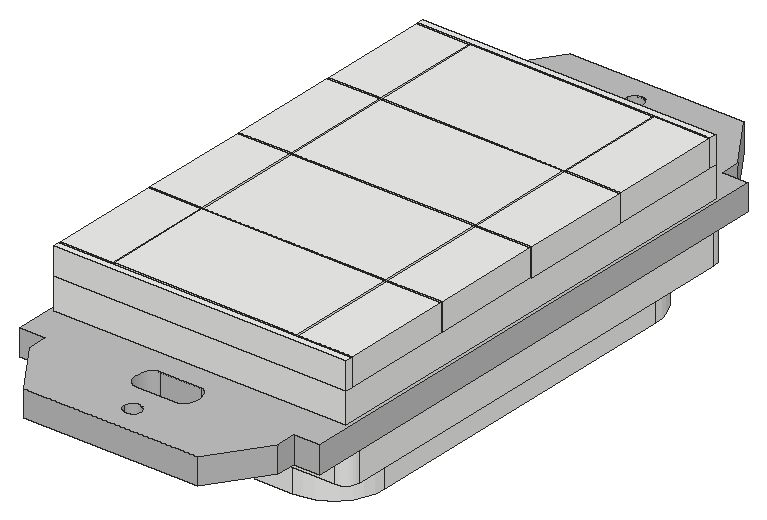
Revit family "Electronics_Control-Pads_Biamp_Impera_Echo-Plus-8-Button-Control-Pad___", category Communication Devices, host Face, Revit 2020
Family settings
  Host = Face
  Maintain Annotation Orientation = No
  Round Connector Dimension = Use Diameter
  Part Type = Normal
  OmniClass Number = 23.85.10.17.11
  OmniClass Title = Audio-Visual System Components
  Cut with Voids When Loaded = Yes
  Shared = No
  Room Calculation Point = No
Parameters (values of type "Echo Plus 8USW")
  not_US = not(US)  # no
  Width = 1.80"
  Weight = 0.20 lbf  # constant formula
  Voltage = 12 V
  Void Depth = if(US, 0.56", 0.16")  # 0.56"
  US = yes
  URL = "https://www.biamp.com/"
  Temperature Range = "32 - 104° F (0 – 40° C)"  # constant formula
  Stop Bits = "1, 1.5, 2"  # constant formula
  Sense Low = "< 1 VDC"  # constant formula
  Sense High = "> 4 VDC"  # constant formula
  Product data url = "https://www.bimobject.com/biamp/product/impera-echo-plus_control-pad"
  Product Page URL = "https://www.biamp.com/products/product-families/impera/control-pads#impera-echo-plus"
  Product Documentation Link = "https://downloads.biamp.com/assets/docs/default-source/data-sheets/biamp_data_sheet_impera_echo_plus_jan22.pdf"
  Power Factor = 1
  Port Speed = "10/100 Mbps"  # constant formula
  Parity = "Even, Odd, None"  # constant formula
  Output Type = "Open drain"  # constant formula
  Number of Ports RS-232 / IR = "1 (bidirectional), 1 (undirectional)"  # constant formula
  Number of Poles = 1
  Number of Devices Supported Expansion Bus = "2"  # constant formula
  Number of Devices Supported Ethernet = "2"  # constant formula
  Model = "Impera Echo Plus"  # constant formula
  Max Voltage = "24 VDC"  # constant formula
  Max Power Consumption = 5 W
  Max Current = "0.5 A"  # constant formula
  Manufacturer = "Biamp"  # constant formula
  LED Indicators = "Multi-color"  # constant formula
  KeyPad Height = if(US, 2.76", Height)  # 2.76"
  IR Frequency Range = "381 Hz to 500 kHz"  # constant formula
  I/O Quantity = "3"  # constant formula
  Humidity = "10-90% relative humidity (non-condensing)"  # constant formula
  Housing Material = Biamp - Plastic - White
  Height = 4.10"
  Description = "Impera™ Echo Plus 8-Button Control Pad with Ethernet Port"  # constant formula
  Depth = 0.90"
  Default Elevation = 48.00"
  Data Bits = "7, 8"  # constant formula
  Connector Description = "12V DC 5W"  # constant formula
  Compliance = "CE Marked (Europe), RoHS Directive (Europe)"  # constant formula
  Button Type = "Mechanical"  # constant formula
  Button Quantity = "8"  # constant formula
  Baud Rate = "1200 – 115200 bit/sec"  # constant formula
  Autosense = "Yes"  # constant formula
  Assembly Code = ""
  Apparent Load = Max Power Consumption / Power Factor  # 5 VA
  Altitude = "0-6,600 ft (0-2000m) MSL"  # constant formula
Types (5): name | not_US | Width | Void Depth | US | KeyPad Height | Housing Material | Height | Depth
  Echo Plus 8USW | no | 1.80" | 0.56" | yes | 2.76" | Biamp - Plastic - White | 4.10" | 0.90"
  Echo Plus 8DKB | yes | 2.80" | 0.16" | no | 1.80" | Biamp - Plastic - Black | 1.80" | 0.70"
  Echo Plus 8DKW | yes | 2.80" | 0.16" | no | 1.80" | Biamp - Plastic - White | 1.80" | 0.70"
  Echo Plus 8EUW | yes | 2.20" | 0.16" | no | 2.20" | Biamp - Plastic - White | 2.20" | 0.70"
  Echo Plus 8EUB | yes | 2.20" | 0.16" | no | 2.20" | Biamp - Plastic - Black | 2.20" | 0.70"
Reference planes (in)
  plane 1 "Center (Front/Back)": y = 0
  plane 2 "Bottom": z = 0
  plane 3 "Center (Left/Right)": x = 0
  plane 4: x = 0.9
  plane 5: x = -0.9
  plane 6 "Back": y = 2.05
  plane 7 "Front": y = -2.05
  plane 8 "Top": z = 0.50615
  plane 9: z = 0.003
  plane 10: z = 0.34411
  plane 11 "1": z = -0.19385
  plane 12: z = 0.16048
  plane 13: y = 1.38
  plane 14: y = -1.38
  plane 15: z = -0.39952
Forms (in)
  Extrusion 1, solid, material "Biamp - Metal - Gray", visible <- "US"
    sketch origin (0, 0, 0) x (1, 0, 0) y (0, 1, 0)
      loop
        line (-0.52182, 2.05) -> (-0.7477, 1.72742) -> (-0.7477, 1.60847) -> (-0.9, 1.60847) -> (-0.9, -1.60847) -> (-0.7477, -1.60847) -> (-0.7477, -1.72742) -> (-0.52182, -2.05) -> (0.52182, -2.05) -> (0.7477, -1.72742) -> (0.7477, -1.60847) -> (0.9, -1.60847) -> (0.9, 1.60847) -> (0.7477, 1.60847) -> (0.7477, 1.72742) -> (0.52182, 2.05) -> (-0.52182, 2.05)
      loop
        spline (-0.12276, -1.52644) -> (-0.13926, -1.52963) -> (-0.15464, -1.53898) -> (-0.16785, -1.55385) -> (-0.17799, -1.57322) -> (-0.18436, -1.59579) -> (-0.18653, -1.62) -> (-0.18436, -1.64421) -> (-0.17799, -1.66678) -> (-0.16785, -1.68615) -> (-0.15464, -1.70102) -> (-0.13926, -1.71037) -> (-0.12276, -1.71355)
        line (-0.12276, -1.71355) -> (0.12276, -1.71355)
        spline (0.12276, -1.71355) -> (0.13926, -1.71037) -> (0.15464, -1.70102) -> (0.16785, -1.68615) -> (0.17799, -1.66678) -> (0.18436, -1.64421) -> (0.18653, -1.62) -> (0.18436, -1.59579) -> (0.17799, -1.57322) -> (0.16785, -1.55385) -> (0.15464, -1.53898) -> (0.13926, -1.52963) -> (0.12276, -1.52644)
        line (0.12276, -1.52644) -> (-0.12276, -1.52644)
      loop
        circle (0, -1.88618) r 0.05186
      loop
        line (-0.12276, 1.52644) -> (0.12276, 1.52644)
        spline (0.12276, 1.52644) -> (0.13926, 1.52963) -> (0.15464, 1.53898) -> (0.16785, 1.55385) -> (0.17799, 1.57322) -> (0.18436, 1.59579) -> (0.18653, 1.62) -> (0.18436, 1.64421) -> (0.17799, 1.66678) -> (0.16785, 1.68615) -> (0.15464, 1.70102) -> (0.13926, 1.71037) -> (0.12276, 1.71355)
        line (0.12276, 1.71355) -> (-0.12276, 1.71355)
        spline (-0.12276, 1.71355) -> (-0.13926, 1.71037) -> (-0.15464, 1.70102) -> (-0.16785, 1.68615) -> (-0.17799, 1.66678) -> (-0.18436, 1.64421) -> (-0.18653, 1.62) -> (-0.18436, 1.59579) -> (-0.17799, 1.57322) -> (-0.16785, 1.55385) -> (-0.15464, 1.53898) -> (-0.13926, 1.52963) -> (-0.12276, 1.52644)
      loop
        circle (0, 1.88618) r 0.05186
    from 0.003 to 0.16048
  Extrusion 2, solid, material "Biamp - Plastic - White" <- "Housing Material", visible <- "US"
    sketch origin (0, 0, 0) x (1, 0, 0) y (0, 1, 0)
      loop
        line (-0.79701, -1.36247) -> (0.7951, -1.36247)
        arc (0.7951, -1.36247) -> (0.85356, -1.33825) -> (0.87778, -1.27979) r 0.08268
        line (0.87778, -1.27979) -> (0.87778, 1.3835)
        arc (0.87778, 1.3835) -> (0.85356, 1.44196) -> (0.7951, 1.46617) r 0.08268
        line (0.7951, 1.46617) -> (-0.7966, 1.46617)
        arc (-0.7966, 1.46617) -> (-0.85535, 1.44184) -> (-0.87969, 1.38309) r 0.08309
        line (-0.87969, 1.38309) -> (-0.87969, -1.27979)
        arc (-0.87969, -1.27979) -> (-0.85547, -1.33825) -> (-0.79701, -1.36247) r 0.08268
    from -0.19385 to 0.003
  Extrusion 3, solid, material "Biamp - Plastic - White" <- "Housing Material", visible <- "US", detail levels medium+fine
    sketch origin (0, 0, -0.19385) x (-1, 0, 0) y (0, -1, 0)
      loop
        arc (0.47093, -1.36643) -> (0.6878, -1.2766) -> (0.77763, -1.05973) r 0.3067
        line (0.77763, -1.05973) -> (0.77763, 0.97298)
        arc (0.77763, 0.97298) -> (0.68789, 1.18964) -> (0.47123, 1.27938) r 0.3064
        line (0.47123, 1.27938) -> (0.28374, 1.27938) -> (0.28374, 1.21541) -> (0.18911, 1.21541) -> (0.18911, 1.27977) -> (0.05711, 1.27977) -> (0.05711, 1.2158) -> (-0.01923, 1.2158) -> (-0.01923, 1.27977) -> (-0.15457, 1.27977) -> (-0.15457, 1.2158) -> (-0.24808, 1.2158) -> (-0.24808, 1.27977) -> (-0.47833, 1.27977)
        arc (-0.47833, 1.27977) -> (-0.69453, 1.19021) -> (-0.78409, 0.974) r 0.30576
        line (-0.78409, 0.974) -> (-0.78409, -1.05973)
        arc (-0.78409, -1.05973) -> (-0.69415, -1.27688) -> (-0.477, -1.36682) r 0.30709
        line (-0.477, -1.36682) -> (-0.28811, -1.36682) -> (-0.28811, -1.30856) -> (-0.19508, -1.30856) -> (-0.19508, -1.36643) -> (-0.06108, -1.36643) -> (-0.06108, -1.30817) -> (0.01923, -1.30817) -> (0.01923, -1.36643) -> (0.15263, -1.36643) -> (0.15263, -1.30817) -> (0.23963, -1.30817) -> (0.23963, -1.36643) -> (0.47093, -1.36643)
      loop
        line (0.59775, -1.0042) -> (0.34604, -1.0042) -> (0.34604, -1.14803) -> (0.59775, -1.14803) -> (0.59775, -1.0042)
      loop
        line (0.59775, -0.98093) -> (0.59775, -0.82652) -> (0.34604, -0.82652) -> (0.34604, -0.98093) -> (0.59775, -0.98093)
      loop
        line (0.59775, -0.79384) -> (0.59775, -0.63251) -> (0.34604, -0.63251) -> (0.34604, -0.79384) -> (0.59775, -0.79384)
      loop
        line (0.59775, -0.61443) -> (0.59775, -0.47118) -> (0.34604, -0.47118) -> (0.34604, -0.61443) -> (0.59775, -0.61443)
      loop
        line (0.59775, -0.44476) -> (0.59775, -0.29177) -> (0.34604, -0.29177) -> (0.34604, -0.44476) -> (0.59775, -0.44476)
      loop
        line (0.59775, -0.26173) -> (0.59775, -0.10925) -> (0.34604, -0.10925) -> (0.34604, -0.26173) -> (0.59775, -0.26173)
      loop
        line (0.59775, -0.08796) -> (0.59775, 0.06749) -> (0.34604, 0.06749) -> (0.34604, -0.08796) -> (0.59775, -0.08796)
      loop
        line (-0.35889, -1.14803) -> (-0.35889, -1.0042) -> (-0.61271, -1.0042) -> (-0.61271, -1.14803) -> (-0.35889, -1.14803)
      loop
        line (-0.35889, -0.98093) -> (-0.35889, -0.82652) -> (-0.61271, -0.82652) -> (-0.61271, -0.98093) -> (-0.35889, -0.98093)
      loop
        line (-0.35889, -0.79384) -> (-0.35889, -0.66927) -> (-0.61271, -0.66927) -> (-0.61271, -0.79384) -> (-0.35889, -0.79384)
      loop
        line (-0.35889, -0.63251) -> (-0.35889, -0.49794) -> (-0.61271, -0.49794) -> (-0.61271, -0.63251) -> (-0.35889, -0.63251)
      loop
        line (-0.35889, -0.47118) -> (-0.35889, -0.30969) -> (-0.61271, -0.30969) -> (-0.61271, -0.47118) -> (-0.35889, -0.47118)
      loop
        line (-0.35889, -0.26173) -> (-0.35889, -0.14048) -> (-0.61271, -0.14048) -> (-0.61271, -0.26173) -> (-0.35889, -0.26173)
      loop
        line (-0.35889, -0.12721) -> (-0.35889, 0.00684) -> (-0.61271, 0.00684) -> (-0.61271, -0.12721) -> (-0.35889, -0.12721)
      loop
        line (-0.35889, 0.02065) -> (-0.35889, 0.1792) -> (-0.61271, 0.1792) -> (-0.61271, 0.02065) -> (-0.35889, 0.02065)
    from -0.2 to 0
  Extrusion 4, solid, material "Biamp - Plastic - White" <- "Housing Material", detail levels medium+fine
    sketch origin (0, 0, 0) x (1, 0, 0) y (0, 1, 0)
      loop
        line (-0.87969, 1.39427) -> (-0.87969, -1.38) -> (0.87778, -1.38) -> (0.87778, 1.39427) -> (-0.87969, 1.39427)
    from 0.16048 to 0.34411
  Extrusion 5, solid, material "Biamp - Plastic - White" <- "Housing Material", detail levels medium+fine
    sketch origin (0, 0, 0.50615) x (1, 0, 0) y (0, 1, 0)
      loop
        line (-0.87969, 1.39427) -> (-0.87969, 1.35427) -> (0.87778, 1.35427) -> (0.87778, 1.39427) -> (-0.87969, 1.39427)
      loop
        line (-0.87969, -1.38) -> (0.87778, -1.38) -> (0.87778, -1.34) -> (-0.87969, -1.34) -> (-0.87969, -1.38)
      loop
        line (0.87778, -1.32831) -> (0.87778, -0.66837) -> (0.55082, -0.66837) -> (0.55082, -1.32831) -> (0.87778, -1.32831)
      loop
        line (0.87778, 1.34427) -> (0.55082, 1.34427) -> (0.55082, 0.68417) -> (0.87778, 0.68417) -> (0.87778, 1.34427)
      loop
        line (-0.87969, 0.68417) -> (-0.56573, 0.68417) -> (-0.56573, 1.34427) -> (-0.87969, 1.34427) -> (-0.87969, 0.68417)
      loop
        line (0.87778, 0.67339) -> (0.55082, 0.67339) -> (0.55082, 0.01334) -> (0.87778, 0.01334) -> (0.87778, 0.67339)
      loop
        line (-0.87969, 0.01334) -> (-0.56573, 0.01334) -> (-0.56573, 0.67339) -> (-0.87969, 0.67339) -> (-0.87969, 0.01334)
      loop
        line (0.87778, 0.00251) -> (0.55082, 0.00251) -> (0.55082, -0.65749) -> (0.87778, -0.65749) -> (0.87778, 0.00251)
      loop
        line (-0.87969, -0.65749) -> (-0.56573, -0.65749) -> (-0.56573, 0.00251) -> (-0.87969, 0.00251) -> (-0.87969, -0.65749)
      loop
        line (-0.55573, -1.32831) -> (0.53942, -1.32831) -> (0.53942, -0.66837) -> (-0.55573, -0.66837) -> (-0.55573, -1.32831)
      loop
        line (0.53942, 1.34427) -> (-0.55573, 1.34427) -> (-0.55573, 0.68417) -> (0.53942, 0.68417) -> (0.53942, 1.34427)
      loop
        line (0.53942, 0.67339) -> (-0.55573, 0.67339) -> (-0.55573, 0.01334) -> (0.53942, 0.01334) -> (0.53942, 0.67339)
      loop
        line (0.53942, 0.00251) -> (-0.55573, 0.00251) -> (-0.55573, -0.65749) -> (0.53942, -0.65749) -> (0.53942, 0.00251)
      loop
        line (-0.56573, -0.66837) -> (-0.87969, -0.66837) -> (-0.87969, -1.32831) -> (-0.56573, -1.32831) -> (-0.56573, -0.66837)
    from -0.16204 to 0
  Extrusion 6, solid, material "Biamp - Plastic - White" <- "Housing Material", visible <- "US", detail levels coarse
    sketch origin (0, 0, -0.19385) x (-1, 0, 0) y (0, -1, 0)
      loop
        line (-0.78409, 0.974) -> (-0.78409, -1.05895)
        arc (-0.78409, -1.05895) -> (-0.69415, -1.27609) -> (-0.477, -1.36604) r 0.30709
        line (-0.477, -1.36604) -> (0.47054, -1.36604)
        arc (0.47054, -1.36604) -> (0.68768, -1.27609) -> (0.77763, -1.05895) r 0.30709
        line (0.77763, -1.05895) -> (0.77763, 0.97298)
        arc (0.77763, 0.97298) -> (0.68777, 1.18991) -> (0.47084, 1.27977) r 0.30679
        line (0.47084, 1.27977) -> (-0.47833, 1.27977)
        arc (-0.47833, 1.27977) -> (-0.69453, 1.19021) -> (-0.78409, 0.974) r 0.30576
    from -0.2 to 0
  Extrusion 7, solid, material "Biamp - Plastic - White" <- "Housing Material", detail levels coarse
    sketch origin (0, 0, 0.50615) x (1, 0, 0) y (0, 1, 0)
      loop
        line (-0.87969, -1.38) -> (0.87778, -1.38) -> (0.87778, 1.38) -> (-0.87969, 1.38) -> (-0.87969, -1.38)
    from -0.34567 to 0
  Extrusion 8, void
    sketch origin (0, 0, 0) x (1, 0, 0) y (0, 1, 0)
      loop
        line (-0.79701, -1.36247) -> (0.7951, -1.36247)
        arc (0.7951, -1.36247) -> (0.85356, -1.33825) -> (0.87778, -1.2798) r 0.08268
        line (0.87778, -1.2798) -> (0.87778, 1.3835)
        arc (0.87778, 1.3835) -> (0.85356, 1.44196) -> (0.7951, 1.46617) r 0.08268
        line (0.7951, 1.46617) -> (-0.7966, 1.46617)
        arc (-0.7966, 1.46617) -> (-0.85535, 1.44184) -> (-0.87969, 1.38309) r 0.08309
        line (-0.87969, 1.38309) -> (-0.87969, -1.27979)
        arc (-0.87969, -1.27979) -> (-0.85547, -1.33825) -> (-0.79701, -1.36247) r 0.08268
    from 0.16048 to -0.39952
  Extrusion 9, solid, material "Biamp - Plastic - White" <- "Housing Material", visible <- "not_US"
    sketch origin (0, 0, 0.50615) x (1, 0, 0) y (0, 1, 0)
      loop
        line (-0.77763, 1.34427) -> (-0.77763, -1.32831) -> (0.78409, -1.32831) -> (0.78409, 1.34427) -> (-0.77763, 1.34427)
    from -0.50315 to -0.34567
  Extrusion 10, solid, not visible
    sketch origin (0, 0, 0) x (1, 0, 0) y (0, 1, 0)
      loop
        line (0.22615, 0.2135) -> (-0.27385, 0.2135) -> (-0.27385, -0.1792) -> (0.22615, -0.1792) -> (0.22615, 0.2135)
    from -0.19385 to 0.16048
Lines and regions (in)
  Masking region 1
    outline origin (0, -2.05, 0) x (-1, 0, 0) y (0, 0, 1)
      loop
        line (0.87969, 0.50615) -> (-0.87778, 0.50615) -> (-0.87778, 0.16048) -> (-0.7477, 0.16048) -> (-0.7477, 0.003) -> (0.7477, 0.003) -> (0.7477, 0.16048) -> (0.87969, 0.16048) -> (0.87969, 0.50615)
  Masking region 2, visible <- "US"
    outline origin (0, -2.05, 0) x (-1, 0, 0) y (0, 0, 1)
      loop
        line (0.9, 0.16048) -> (-0.9, 0.16048) -> (-0.9, 0.003) -> (0.9, 0.003) -> (0.9, 0.16048)
  symbolic lines
    curve 1: line (-0.87969, -2.05, 0.34411) -> (0.87778, -2.05, 0.34411)
    curve 2: line (-0.7477, -2.05, 0.16048) -> (-0.7477, -2.05, 0.003)
    curve 3: line (-0.52222, -2.05, 0.003) -> (-0.52222, -2.05, 0.16048)
    curve 4: line (0.52182, -2.05, 0.16048) -> (0.52182, -2.05, 0.003)
    curve 5: line (0.7477, -2.05, 0.16048) -> (0.7477, -2.05, 0.003)
    curve 6: line (-0.87969, -2.05, 0.16048) -> (0.87778, -2.05, 0.16048)
Dimensions and locks (in)
  equal spacing: plane 5, plane 3 "Center (Left/Right)", plane 4
  "Width": plane 5 to plane 4
  equal spacing: plane 6 "Back", plane 1 "Center (Front/Back)", plane 7 "Front"
  equal spacing: plane 13, plane 1 "Center (Front/Back)", plane 14
  "KeyPad Height": plane 13 to plane 14
  equal spacing: Extrusion 5 sketch curve, Extrusion 5 sketch curve, Extrusion 5 sketch curve, Extrusion 5 sketch curve  (x2)
  locked: Extrusion 5 sketch curve to plane 14 at 0.04
  locked: Extrusion 5 sketch curve to Extrusion 5 sketch curve at 0.01169
  locked: plane 13 to Extrusion 5 sketch curve at 0.03573
  Extrusion 5 sketch curve to plane 3 "Center (Left/Right)" to Extrusion 5 sketch curve = 0.55573" locked, 0.53942" locked
  locked: Extrusion 5 sketch curve to Extrusion 5 sketch curve at 0.04
  Extrusion 5 sketch curve to Extrusion 5 sketch curve = 0.01"
  locked: Extrusion 5 sketch curve to Extrusion 5 sketch curve at 0.0114
  locked: plane 5 to Extrusion 9 sketch curve at 0.12237
  locked: Extrusion 9 sketch curve to plane 4 at 0.11591
  "Void Depth": plane 12 to plane 15
  aligned and locked: plane 2 "Bottom" to host face
  aligned and locked: level to host face
  aligned and locked: Extrusion 1 to plane 9
  aligned and locked: plane 12 to Extrusion 1
  aligned and locked: plane 9 to Extrusion 2
  aligned and locked: Extrusion 2 to plane 11 "1"
  aligned and locked: plane 11 "1" to Extrusion 3
  aligned and locked: Extrusion 4 to plane 12
  aligned and locked: plane 10 to Extrusion 4
  aligned and locked: Extrusion 5 to plane 10
  aligned and locked: plane 8 "Top" to Extrusion 5
  aligned and locked: plane 6 "Back" to Extrusion 1
  aligned and locked: Extrusion 1 to Extrusion 1  (x4)
  aligned and locked: plane 4 to Extrusion 1
  aligned and locked: Extrusion 1 to plane 5
  aligned and locked: Extrusion 1 to plane 7 "Front"
  aligned and locked: plane 11 "1" to Extrusion 6
  aligned and locked: Extrusion 7 to plane 12
  aligned and locked: plane 8 "Top" to Extrusion 7
  aligned and locked: Extrusion 9 to plane 9
  aligned and locked: plane 12 to Extrusion 9
  aligned and locked: plane 13 to Extrusion 7 sketch curve
  aligned and locked: Extrusion 5 sketch curve to Extrusion 5 sketch curve  (x28)
  aligned and locked: plane 14 to Extrusion 5 sketch curve
  aligned and locked: Extrusion 7 sketch curve to plane 14
  aligned and locked: Extrusion 4 to Extrusion 5  (x2)
  aligned and locked: Extrusion 9 to Extrusion 5
  aligned and locked: plane 12 to Extrusion 8
  aligned and locked: Extrusion 8 to plane 15
Automatic sketch dimensions
  host sketch curve to host sketch curve = 96.00"  (x2)
  Extrusion 1 sketch curve to plane 5 = 0.00"
  Extrusion 1 sketch curve to plane 7 "Front" = 0.00"
  Extrusion 1 sketch curve to plane 6 "Back" = 0.00"
  Extrusion 1 sketch curve to plane 3 "Center (Left/Right)" = 0.00"  (x2)
  Extrusion 1 sketch curve to plane 4 = 0.00"
  Extrusion 1 sketch curve to Extrusion 1 sketch curve = 0.1523"  (x2)
  plane 5 to Extrusion 1 sketch curve = 0.37818"  (x2)
  Extrusion 1 sketch curve to plane 3 "Center (Left/Right)" = 0.12276"  (x2)
  plane 3 "Center (Left/Right)" to Extrusion 1 sketch curve = 0.12276"  (x2)
  Extrusion 1 sketch curve to plane 4 = 0.37818"  (x2)
  Extrusion 1 sketch curve to plane 4 = 0.1523"  (x2)
  plane 7 "Front" to Extrusion 1 sketch curve = 0.16382"
  plane 7 "Front" to Extrusion 1 sketch curve = 0.32258"  (x2)
  Extrusion 1 sketch curve to Extrusion 1 sketch curve = 0.17263"
  Extrusion 1 sketch curve to Extrusion 1 sketch curve = 0.11895"  (x4)
  Extrusion 1 sketch curve to Extrusion 1 sketch curve = 0.18711"  (x2)
  Extrusion 1 sketch curve to plane 6 "Back" = 0.52356"
  Extrusion 1 sketch curve to plane 6 "Back" = 0.44153"  (x2)
  Extrusion 1 sketch curve to plane 6 "Back" = 0.16382"
  plane 5 to Extrusion 2 sketch curve = 0.02031"
  Extrusion 2 sketch curve to Extrusion 2 sketch curve = 0.08309"
  Extrusion 2 sketch curve to Extrusion 2 sketch curve = 0.08268"
  Extrusion 2 sketch curve to plane 4 = 0.1049"  (x2)
  Extrusion 2 sketch curve to plane 4 = 0.02222"
  plane 7 "Front" to Extrusion 2 sketch curve = 0.68753"
  Extrusion 2 sketch curve to plane 6 "Back" = 0.66691"
  plane 5 to Extrusion 4 sketch curve = 0.02031"
  Extrusion 4 sketch curve to plane 4 = 0.02222"
  plane 7 "Front" to Extrusion 4 sketch curve = 0.67"
  Extrusion 4 sketch curve to plane 6 "Back" = 0.65573"
  Extrusion 6 sketch curve to plane 4 = 0.11591"
  Extrusion 6 sketch curve to plane 4 = 0.42167"
  Extrusion 6 sketch curve to Extrusion 6 sketch curve = 0.30709"
  plane 5 to Extrusion 6 sketch curve = 0.42946"
  plane 5 to Extrusion 6 sketch curve = 0.42916"
  plane 5 to Extrusion 6 sketch curve = 0.12237"
  Extrusion 6 sketch curve to plane 6 "Back" = 0.68396"
  plane 1 "Center (Front/Back)" to Extrusion 6 sketch curve = 0.97298"
  Extrusion 3 sketch curve to plane 4 = 0.11591"
  Extrusion 3 sketch curve to plane 4 = 0.28729"  (x2)
  plane 1 "Center (Front/Back)" to Extrusion 3 sketch curve = 0.02065"
  Extrusion 3 sketch curve to Extrusion 3 sketch curve = 0.00"  (x24)
  Extrusion 3 sketch curve to Extrusion 3 sketch curve = 0.30576"
  Extrusion 3 sketch curve to Extrusion 3 sketch curve = 0.13571"  (x2)
  Extrusion 3 sketch curve to Extrusion 3 sketch curve = 0.25382"  (x2)
  Extrusion 3 sketch curve to Extrusion 3 sketch curve = 0.11811"
  Extrusion 3 sketch curve to Extrusion 3 sketch curve = 0.18889"
  Extrusion 3 sketch curve to Extrusion 3 sketch curve = 0.23025"
  Extrusion 3 sketch curve to Extrusion 3 sketch curve = 0.09304"
  Extrusion 3 sketch curve to Extrusion 3 sketch curve = 0.09351"
  plane 3 "Center (Left/Right)" to Extrusion 3 sketch curve = 0.06108"
  plane 3 "Center (Left/Right)" to Extrusion 3 sketch curve = 0.01923"
  Extrusion 3 sketch curve to plane 3 "Center (Left/Right)" = 0.01923"
  Extrusion 3 sketch curve to plane 3 "Center (Left/Right)" = 0.05711"
  Extrusion 3 sketch curve to Extrusion 3 sketch curve = 0.1334"
  Extrusion 3 sketch curve to Extrusion 3 sketch curve = 0.132"
  Extrusion 3 sketch curve to Extrusion 3 sketch curve = 0.087"
  Extrusion 3 sketch curve to Extrusion 3 sketch curve = 0.09463"
  Extrusion 3 sketch curve to plane 1 "Center (Front/Back)" = 0.08796"
  Extrusion 3 sketch curve to plane 3 "Center (Left/Right)" = 0.34604"
  Extrusion 3 sketch curve to Extrusion 3 sketch curve = 0.10641"
  Extrusion 3 sketch curve to Extrusion 3 sketch curve = 0.2313"
  Extrusion 3 sketch curve to Extrusion 3 sketch curve = 0.1875"
  Extrusion 3 sketch curve to Extrusion 3 sketch curve = 0.25171"
  Extrusion 3 sketch curve to Extrusion 3 sketch curve = 0.12682"
  plane 5 to Extrusion 3 sketch curve = 0.12237"
  Extrusion 3 sketch curve to Extrusion 3 sketch curve = 0.02128"
  Extrusion 3 sketch curve to plane 1 "Center (Front/Back)" = 0.12721"
  Extrusion 3 sketch curve to Extrusion 3 sketch curve = 0.01326"
  Extrusion 3 sketch curve to Extrusion 3 sketch curve = 0.15248"
  Extrusion 3 sketch curve to Extrusion 3 sketch curve = 0.12125"
  Extrusion 3 sketch curve to Extrusion 3 sketch curve = 0.03004"
  Extrusion 3 sketch curve to Extrusion 3 sketch curve = 0.04796"
  Extrusion 3 sketch curve to Extrusion 3 sketch curve = 0.15298"
  Extrusion 3 sketch curve to Extrusion 3 sketch curve = 0.16149"
  Extrusion 3 sketch curve to Extrusion 3 sketch curve = 0.02642"
  Extrusion 3 sketch curve to Extrusion 3 sketch curve = 0.02676"
  Extrusion 3 sketch curve to Extrusion 3 sketch curve = 0.14325"
  Extrusion 3 sketch curve to Extrusion 3 sketch curve = 0.13457"
  Extrusion 3 sketch curve to Extrusion 3 sketch curve = 0.01808"
  Extrusion 3 sketch curve to Extrusion 3 sketch curve = 0.03676"
  Extrusion 3 sketch curve to Extrusion 3 sketch curve = 0.12457"
  Extrusion 3 sketch curve to Extrusion 3 sketch curve = 0.16133"
  Extrusion 3 sketch curve to Extrusion 3 sketch curve = 0.03268"  (x2)
  Extrusion 3 sketch curve to Extrusion 3 sketch curve = 0.15441"  (x2)
  Extrusion 3 sketch curve to Extrusion 3 sketch curve = 0.02327"  (x2)
  Extrusion 3 sketch curve to Extrusion 3 sketch curve = 0.05553"  (x2)
  Extrusion 3 sketch curve to Extrusion 3 sketch curve = 0.14383"  (x2)
  Extrusion 3 sketch curve to Extrusion 3 sketch curve = 0.05826"  (x4)
  plane 1 "Center (Front/Back)" to Extrusion 3 sketch curve = 0.00684"
  plane 1 "Center (Front/Back)" to Extrusion 3 sketch curve = 0.06749"
  Extrusion 3 sketch curve to Extrusion 3 sketch curve = 0.15855"
  Extrusion 3 sketch curve to Extrusion 3 sketch curve = 0.90549"
  Extrusion 3 sketch curve to Extrusion 3 sketch curve = 0.7948"
  Extrusion 3 sketch curve to Extrusion 3 sketch curve = 0.06396"  (x4)
  plane 7 "Front" to Extrusion 8 sketch curve = 0.68753"
  Extrusion 8 sketch curve to plane 6 "Back" = 0.6665"
  Extrusion 8 sketch curve to Extrusion 8 sketch curve = 0.08268"  (x4)
  Extrusion 8 sketch curve to Extrusion 8 sketch curve = 0.08309"
  plane 5 to Extrusion 8 sketch curve = 0.02031"
  Extrusion 8 sketch curve to plane 4 = 0.1049"
  Masking region 2 sketch curve to plane 4 = 0.00"
  Masking region 2 sketch curve to plane 5 = 0.00"
  Masking region 2 sketch curve to plane 9 = 0.00"
  Masking region 2 sketch curve to plane 12 = 0.00"
  plane 5 to Extrusion 7 sketch curve = 0.02031"
  Extrusion 7 sketch curve to plane 4 = 0.02222"
  Masking region 1 sketch curve to plane 8 "Top" = 0.00"
  Masking region 1 sketch curve to plane 12 = 0.00"  (x2)
  Masking region 1 sketch curve to plane 9 = 0.00"
  Masking region 1 sketch curve to plane 4 = 0.02222"
  plane 5 to Masking region 1 sketch curve = 0.1523"
  plane 5 to Masking region 1 sketch curve = 0.02031"
  Masking region 1 sketch curve to Masking region 1 sketch curve = 0.13008"
  plane 5 to Extrusion 5 sketch curve = 0.02031"  (x2)
  Extrusion 5 sketch curve to Extrusion 5 sketch curve = 0.00"  (x8)
  Extrusion 5 sketch curve to plane 4 = 0.02222"  (x2)
  Extrusion 5 sketch curve to plane 1 "Center (Front/Back)" = 0.00251"
  Extrusion 5 sketch curve to Extrusion 5 sketch curve = 0.01088"
  Extrusion 5 sketch curve to Extrusion 5 sketch curve = 0.01"
  plane 14 to Extrusion 9 sketch curve = 0.05169"
  Extrusion 9 sketch curve to plane 13 = 0.03573"
  curve 1 to plane 10 = 0.00"
  curve 5 to plane 9 = 0.00"
  curve 4 to plane 9 = 0.00"
  curve 3 to plane 9 = 0.00"
  curve 3 to plane 12 = 0.00"
  curve 2 to plane 9 = 0.00"
  curve 1 to plane 4 = 0.02222"
  curve 6 to plane 4 = 0.02222"
  curve 6 to curve 5 = 0.13008"
  curve 5 to curve 4 = 0.22587"
  plane 5 to curve 3 = 0.37778"
  plane 5 to curve 2 = 0.1523"
  plane 5 to curve 1 = 0.02031"
  plane 5 to curve 6 = 0.02031"
  Extrusion 10 sketch curve to plane 3 "Center (Left/Right)" = 0.27385"
  plane 1 "Center (Front/Back)" to Extrusion 10 sketch curve = 0.1792"
  plane 3 "Center (Left/Right)" to Extrusion 10 sketch curve = 0.22615"
  Extrusion 10 sketch curve to plane 1 "Center (Front/Back)" = 0.2135"
  radius of Extrusion 1 sketch curve = 0.05186"  (x2)
Connectors (in)
  electrical at (-0.4719, 0.90373, -0.19385), driven by "Number of Poles", driven by "Voltage", driven by "Apparent Load", driven by "Power Factor", driven by "Connector Description"
    settings: on Extrusion 3, index 1, voltage 12 V, apparent load 5 VA, apparent load phase1 0 VA, apparent load phase2 0 VA, apparent load phase3 0 VA, power factor 1, load classification "Other", number of poles 1, system type 30, power factor state 1, is connector primary yes, connector utility no, sub classification motor no, connector description "12V DC 5W"
  electrical at (-0.4719, 1.07612, -0.19385)
    settings: on Extrusion 3, index 2, voltage 0 V, apparent load 0 VA, apparent load phase1 0 VA, apparent load phase2 0 VA, apparent load phase3 0 VA, power factor 1, load classification "Other", number of poles 1, system type 5, power factor state 1, is connector primary no, connector utility no, sub classification motor no, connector description "Power input; Ground"
  electrical at (-0.4719, 0.71318, -0.19385)
    settings: on Extrusion 3, index 3, voltage 0 V, apparent load 0 VA, apparent load phase1 0 VA, apparent load phase2 0 VA, apparent load phase3 0 VA, power factor 1, load classification "Other", number of poles 1, system type 5, power factor state 1, is connector primary no, connector utility no, sub classification motor no, connector description "RS-232 port, Bi-directional; RX-1"
  electrical at (-0.4719, 0.54281, -0.19385)
    settings: on Extrusion 3, index 4, voltage 0 V, apparent load 0 VA, apparent load phase1 0 VA, apparent load phase2 0 VA, apparent load phase3 0 VA, power factor 1, load classification "Other", number of poles 1, system type 5, power factor state 1, is connector primary no, connector utility no, sub classification motor no, connector description "RS-232 port, Bi-directional; TX-1"
  electrical at (-0.4719, 0.36827, -0.19385)
    settings: on Extrusion 3, index 5, voltage 0 V, apparent load 0 VA, apparent load phase1 0 VA, apparent load phase2 0 VA, apparent load phase3 0 VA, power factor 1, load classification "Other", number of poles 1, system type 5, power factor state 1, is connector primary no, connector utility no, sub classification motor no, connector description "RS-232 port, Bi-directional; Ground"
  electrical at (-0.4719, 0.18549, -0.19385)
    settings: on Extrusion 3, index 6, voltage 0 V, apparent load 0 VA, apparent load phase1 0 VA, apparent load phase2 0 VA, apparent load phase3 0 VA, power factor 1, load classification "Other", number of poles 1, system type 5, power factor state 1, is connector primary no, connector utility no, sub classification motor no, connector description "RS-232 or IR port, Uni-directional; Ground"
  electrical at (-0.4719, 0.01024, -0.19385)
    settings: on Extrusion 3, index 7, voltage 0 V, apparent load 0 VA, apparent load phase1 0 VA, apparent load phase2 0 VA, apparent load phase3 0 VA, power factor 1, load classification "Other", number of poles 1, system type 5, power factor state 1, is connector primary no, connector utility no, sub classification motor no, connector description "RS-232 or IR port, Uni-directional; RX-1"
  electrical at (0.4858, -0.09993, -0.19385)
    settings: on Extrusion 3, index 8, voltage 0 V, apparent load 0 VA, apparent load phase1 0 VA, apparent load phase2 0 VA, apparent load phase3 0 VA, power factor 1, load classification "Other", number of poles 1, system type 5, power factor state 1, is connector primary no, connector utility no, sub classification motor no, connector description "Input/Output connector\r; Ground"
  electrical at (0.4858, 0.06019, -0.19385)
    settings: on Extrusion 3, index 9, voltage 0 V, apparent load 0 VA, apparent load phase1 0 VA, apparent load phase2 0 VA, apparent load phase3 0 VA, power factor 1, load classification "Other", number of poles 1, system type 5, power factor state 1, is connector primary no, connector utility no, sub classification motor no, connector description "Input/Output connector\r; I/O 1"
  electrical at (0.4858, 0.2011, -0.19385)
    settings: on Extrusion 3, index 10, voltage 0 V, apparent load 0 VA, apparent load phase1 0 VA, apparent load phase2 0 VA, apparent load phase3 0 VA, power factor 1, load classification "Other", number of poles 1, system type 5, power factor state 1, is connector primary no, connector utility no, sub classification motor no, connector description "Input/Output connector\r; I/O 2"
  electrical at (0.4858, 0.39044, -0.19385)
    settings: on Extrusion 3, index 11, voltage 0 V, apparent load 0 VA, apparent load phase1 0 VA, apparent load phase2 0 VA, apparent load phase3 0 VA, power factor 1, load classification "Other", number of poles 1, system type 5, power factor state 1, is connector primary no, connector utility no, sub classification motor no, connector description "Input/Output connector\r; I/O 3"
  electrical at (0.4858, 0.56523, -0.19385)
    settings: on Extrusion 3, index 12, voltage 0 V, apparent load 0 VA, apparent load phase1 0 VA, apparent load phase2 0 VA, apparent load phase3 0 VA, power factor 1, load classification "Other", number of poles 1, system type 5, power factor state 1, is connector primary no, connector utility no, sub classification motor no, connector description "NEB bus port; PWR"
  electrical at (0.4858, 0.73156, -0.19385)
    settings: on Extrusion 3, index 13, voltage 0 V, apparent load 0 VA, apparent load phase1 0 VA, apparent load phase2 0 VA, apparent load phase3 0 VA, power factor 1, load classification "Other", number of poles 1, system type 5, power factor state 1, is connector primary no, connector utility no, sub classification motor no, connector description "NEB bus port; NBA"
  electrical at (0.4858, 0.90373, -0.19385)
    settings: on Extrusion 3, index 14, voltage 0 V, apparent load 0 VA, apparent load phase1 0 VA, apparent load phase2 0 VA, apparent load phase3 0 VA, power factor 1, load classification "Other", number of poles 1, system type 5, power factor state 1, is connector primary no, connector utility no, sub classification motor no, connector description "NEB bus port; NCL"
  electrical at (0.4858, 1.07612, -0.19385)
    settings: on Extrusion 3, index 15, voltage 0 V, apparent load 0 VA, apparent load phase1 0 VA, apparent load phase2 0 VA, apparent load phase3 0 VA, power factor 1, load classification "Other", number of poles 1, system type 5, power factor state 1, is connector primary no, connector utility no, sub classification motor no, connector description "NEB bus port; Ground"
  electrical at (-0.02385, 0.01715, -0.19385)
    settings: on Extrusion 10, index 16, voltage 0 V, apparent load 0 VA, apparent load phase1 0 VA, apparent load phase2 0 VA, apparent load phase3 0 VA, power factor 1, load classification "Other", number of poles 1, system type 5, power factor state 1, is connector primary no, connector utility no, sub classification motor no, connector description "RJ-45; LAN"
